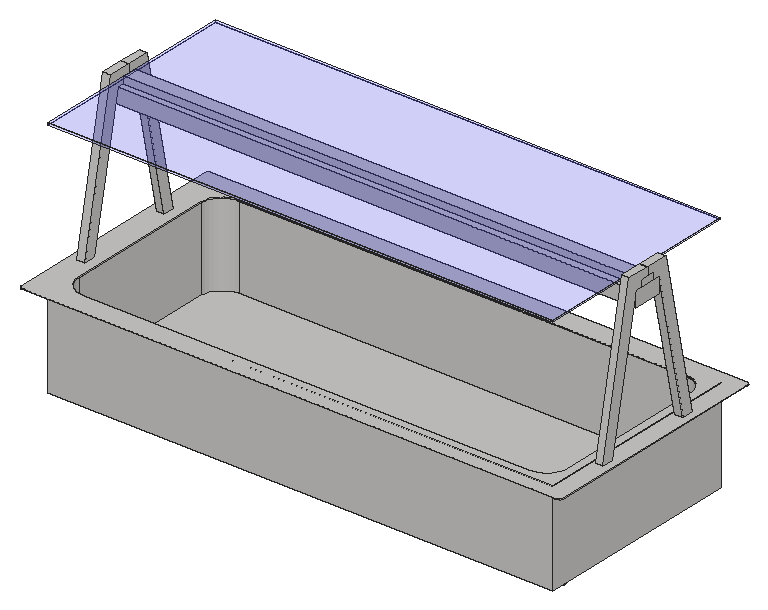
Revit family "QF_ELECTROLUXPROFESSIONAL_341164_D01C4", category Specialty Equipment, Revit 2023
Family settings
  Round Connector Dimension = Use Diameter
  Part Type = Normal
  Work Plane-Based = No
  Enable Cutting in Views = No
  Always vertical = Yes
  Cut with Voids When Loaded = No
  Maintain Annotation Orientation = No
  Shared = No
  Room Calculation Point = No
Parameters (values of type "Standard")
  Weight = 54.15 kg
  Watts = 0 W
  Volts = 220 V
  URL Manufacturer = "http://www.electroluxprofessional.com"
  URL = "http://www.electroluxprofessional.com"
  Steam Supply Size = 0 mm
  Steam Supply Minimum Pressure = 0.0 Pa
  Steam Supply Maximum Pressure = 0.0 Pa
  Steam Consumption per Hour = 0
  Refrigeration Suction Line Size = 0 mm
  Refrigeration Liquid Line Size = 0 mm
  Refrigerant Compressor Remote = yes
  Default Elevation = 0 mm
  Manufacturer = "Electrolux Professional"
  Phase = 1
  Model = "D01C4"
  Length Actual = 1420 mm
  Item Number = "341164"
  Hot Water Size = 0 mm
  Height Actual = 664 mm
  HP = "4 HP"
  Gas Size = 0 mm
  Gas KW = 0
  Gas Input Pressure = 0 W
  Direct Waste Size = 25.4 mm
  Description = "DROP-IN BAIN-MARIE, WATER, SINGLE WELL, 4GN WITH A TYPE OVERSHELF AND HALOGEN LAMP"
  Depth Actual = 620 mm
  Cycle = 50 Hz
  Condensate Return Size = 0 mm
  Compressed Air Volume = 0.0 L/s
  Compressed Air Size = 0 mm
  Compressed Air Pressure = 0.0 Pa
  Cold Water Size = 12.7 mm
  Accessory = no
Reference planes
  plane 1 "BACK": y = 0
  plane 2: z = 5.426
  plane 3 "LEFT": x = 0
  plane 4: y = -620
  plane 5: x = 1420
  plane 6: z = 409.426
  plane 7: y = -310
  plane 8: x = 710
Forms (mm)
  Extrusion 1, solid, material "QF_Finishes_Stainless Steel"
    sketch origin (0, 0, 5.426) x (1, 0, 0) y (0, 1, 0)
      loop
        arc (10, 0) -> (2.929, -2.929) -> (0, -10) r 10
        line (0, -10) -> (0, -610)
        arc (0, -610) -> (2.929, -617.071) -> (10, -620) r 10
        line (10, -620) -> (1410, -620)
        arc (1410, -620) -> (1417.071, -617.071) -> (1420, -610) r 10
        line (1420, -610) -> (1420, -10)
        arc (1420, -10) -> (1417.071, -2.929) -> (1410, 0) r 10
        line (1410, 0) -> (10, 0)
    from 0 to 1
  Extrusion 2, solid, material "QF_Finishes_Stainless Steel"
    sketch origin (0, 0, 12.548) x (1, 0, 0) y (0, 1, 0)
      loop
        line (50, -35) -> (50, -585) -> (1370, -585) -> (1370, -35) -> (50, -35)
    from -251.122 to -7.122
  Extrusion 3, void
    sketch origin (0, 0, -2.817) x (1, 0, 0) y (0, 1, 0)
      loop
        arc (125, -55) -> (86.109, -71.109) -> (70, -110) r 55
        line (70, -110) -> (70, -510)
        arc (70, -510) -> (86.109, -548.891) -> (125, -565) r 55
        line (125, -565) -> (1295, -565)
        arc (1295, -565) -> (1333.891, -548.891) -> (1350, -510) r 55
        line (1350, -510) -> (1350, -110)
        arc (1350, -110) -> (1333.891, -71.109) -> (1295, -55) r 55
        line (1295, -55) -> (125, -55)
    from -209.107 to 9.244
  Extrusion 4, solid, material "QF_Finishes_Stainless Steel"
    sketch origin (21.5, -620, 0) x (0, -1, 0) y (0, 0, -1)
      loop
        line (-310, -409.426) -> (-250.873, -409.426) -> (-165, -5.426) -> (-195, -5.426) -> (-272.583, -370.426) -> (-310, -370.426) -> (-310, -409.426)
    from 0 to 20
  Extrusion 5, solid, material "QF_Finishes_Stainless Steel"
    sketch origin (21.5, 0, 0) x (0, 1, 0) y (0, 0, 1)
      loop
        line (-310, 409.426) -> (-310, 370.426) -> (-272.583, 370.426) -> (-195, 5.426) -> (-165, 5.426) -> (-250.873, 409.426) -> (-310, 409.426)
    from 0 to 20
  Extrusion 6, solid, material "QF_Finishes_Stainless Steel"
    sketch origin (1398.5, -620, 0) x (0, -1, 0) y (0, 0, 1)
      loop
        line (-310, 409.426) -> (-310, 370.426) -> (-272.583, 370.426) -> (-195, 5.426) -> (-165, 5.426) -> (-250.873, 409.426) -> (-310, 409.426)
    from 0 to 20
  Extrusion 7, solid, material "QF_Finishes_Stainless Steel"
    sketch origin (1398.5, 0, 0) x (0, 1, 0) y (0, 0, -1)
      loop
        line (-310, -409.426) -> (-250.873, -409.426) -> (-165, -5.426) -> (-195, -5.426) -> (-272.583, -370.426) -> (-310, -370.426) -> (-310, -409.426)
    from 0 to 20
  Extrusion 8, solid, material "QF_Finishes_Stainless Steel"
    sketch origin (0, 0, 0) x (0, 1, 0) y (0, 0, 1)
      loop
        line (-291.292, 370.426) -> (-291.292, 387.956) -> (-328.917, 387.956) -> (-328.917, 370.426) -> (-291.292, 370.426)
    from 21.5 to 1398.5
  Extrusion 9, solid, material "Vetro"
    sketch origin (0, 0, 5.426) x (1, 0, 0) y (0, 1, 0)
      loop
        line (50, -35) -> (50, -585) -> (1370, -585) -> (1370, -35) -> (50, -35)
    from 382.529 to 387.529
  Extrusion 10, solid, material "QF_Finishes_Stainless Steel"
    sketch origin (324.537, -347.333, -643.387) x (0, 0, -1) y (0, 1, 0)
      loop
        circle (-372.814, -140.692) r 12.7
    from 5 to 70.307
  Extrusion 11, solid, material "QF_Finishes_Stainless Steel"
    sketch origin (0, 0, 0) x (0, 1, 0) y (0, 0, 1)
      loop
        line (-272.583, 370.426) -> (-347.583, 370.426) -> (-347.583, 330.426) -> (-272.583, 330.426) -> (-272.583, 370.426)
    from 21.5 to 1398.5
  Extrusion 12, solid, material "QF_Finishes_Stainless Steel"
    sketch origin (34.947, 0, 0) x (0, 1, 0) y (0, 0, 1)
      loop
        line (-280.414, 330.426) -> (-340.414, 330.426) -> (-340.414, 325.426) -> (-280.414, 325.426) -> (-280.414, 330.426)
    from 113.553 to 313.553
  Extrusion 13, solid, material "QF_Finishes_Stainless Steel"
    sketch origin (769.053, 0, 0) x (0, 1, 0) y (0, 0, -1)
      loop
        line (-280.414, -330.426) -> (-280.414, -325.426) -> (-340.414, -325.426) -> (-340.414, -330.426) -> (-280.414, -330.426)
    from 113.553 to 313.553
  Extrusion 14, solid, material "QF_Finishes_Stainless Steel"
    sketch origin (1385.053, 0, 0) x (0, 1, 0) y (0, 0, -1)
      loop
        line (-280.414, -330.426) -> (-280.414, -325.426) -> (-340.414, -325.426) -> (-340.414, -330.426) -> (-280.414, -330.426)
    from 113.553 to 313.553
  Extrusion 15, solid, material "QF_Finishes_Stainless Steel"
    sketch origin (650.947, 0, 0) x (0, 1, 0) y (0, 0, 1)
      loop
        line (-280.414, 330.426) -> (-340.414, 330.426) -> (-340.414, 325.426) -> (-280.414, 325.426) -> (-280.414, 330.426)
    from 113.553 to 313.553
  Extrusion 16, solid, material "QF_Finishes_Stainless Steel"
    sketch origin (-4, -6, 5.426) x (1, 0, 0) y (0, 1, 0)
      loop
        circle (386.025, -481.971) r 12.675
    from -276 to -244
  Extrusion 17, solid, material "QF_Finishes_Stainless Steel"
    sketch origin (1356.957, -637.727, -643.387) x (0, 0, -1) y (0, -1, 0)
      loop
        circle (-372.814, -140.692) r 6.35
    from 24.678 to 70.307
  Extrusion 18, solid, material "QF_Finishes_Stainless Steel"
    sketch origin (1679.025, -978.971, 5.426) x (-1, 0, 0) y (0, -1, 0)
      loop
        circle (386.025, -481.971) r 6.35
    from -276 to -244
Cuts and joins
  Extrusion 3 cuts Extrusion 1
  Extrusion 3 cuts Extrusion 2
Dimensions and locks
  equal spacing: Extrusion 1, Extrusion 2 sketch curve, Extrusion 2 sketch curve, Extrusion 1  (x2)
  Extrusion 1 to Extrusion 1 = 1420 mm
  Extrusion 1 to plane 1 "BACK" = 620 mm
  equal spacing: Extrusion 2, Extrusion 3 sketch curve, Extrusion 3 sketch curve, Extrusion 2  (x2)
  plane 6 to plane 2 = 404 mm
  equal spacing: plane 3 "LEFT", plane 8, plane 5
  Extrusion 11 sketch curve to cut or joined group of Extrusion 1, Extrusion 3 = 324 mm
  Extrusion 5 to plane 8 to Extrusion 7 = 668.5 mm, 668.5 mm
  aligned and locked: level to plane 2
Automatic sketch dimensions
  Extrusion 1 sketch curve to plane 3 "LEFT" = 0 mm
  plane 4 to Extrusion 1 sketch curve = 0 mm
  plane 1 "BACK" to Extrusion 1 sketch curve = 0 mm
  Extrusion 1 sketch curve to plane 5 = 0 mm
  plane 3 "LEFT" to Extrusion 1 sketch curve = 10 mm  (x2)
  plane 5 to Extrusion 1 sketch curve = 10 mm  (x2)
  plane 3 "LEFT" to Extrusion 2 sketch curve = 50 mm
  plane 5 to Extrusion 2 sketch curve = 50 mm
  Extrusion 2 sketch curve to plane 4 = 35 mm
  plane 1 "BACK" to Extrusion 2 sketch curve = 35 mm
  plane 3 "LEFT" to Extrusion 3 sketch curve = 70 mm
  Extrusion 3 sketch curve to Extrusion 3 sketch curve = 55 mm  (x3)
  Extrusion 3 sketch curve to plane 4 = 55 mm
  plane 5 to Extrusion 3 sketch curve = 125 mm  (x2)
  plane 1 "BACK" to Extrusion 3 sketch curve = 110 mm
  Extrusion 4 sketch curve to plane 7 = 0 mm
  plane 6 to Extrusion 4 sketch curve = 0 mm
  Extrusion 4 sketch curve to level = 0 mm
  Extrusion 4 sketch curve to Extrusion 4 sketch curve = 37.417 mm
  Extrusion 4 sketch curve to Extrusion 4 sketch curve = 21.71 mm
  plane 7 to Extrusion 4 sketch curve = 115 mm
  Extrusion 4 sketch curve to Extrusion 4 sketch curve = 30 mm
  Extrusion 4 sketch curve to Extrusion 4 sketch curve = 39 mm
  Extrusion 5 sketch curve to plane 7 = 0 mm
  plane 6 to Extrusion 5 sketch curve = 0 mm
  Extrusion 5 sketch curve to level = 0 mm
  Extrusion 5 sketch curve to Extrusion 5 sketch curve = 37.417 mm
  Extrusion 5 sketch curve to Extrusion 5 sketch curve = 21.71 mm
  plane 7 to Extrusion 5 sketch curve = 115 mm
  Extrusion 5 sketch curve to Extrusion 5 sketch curve = 30 mm
  Extrusion 5 sketch curve to Extrusion 5 sketch curve = 39 mm
  Extrusion 6 sketch curve to plane 7 = 0 mm
  plane 6 to Extrusion 6 sketch curve = 0 mm
  Extrusion 6 sketch curve to level = 0 mm
  Extrusion 6 sketch curve to Extrusion 6 sketch curve = 37.417 mm
  Extrusion 6 sketch curve to Extrusion 6 sketch curve = 21.71 mm
  Extrusion 6 sketch curve to plane 7 = 115 mm
  Extrusion 6 sketch curve to Extrusion 6 sketch curve = 30 mm
  Extrusion 6 sketch curve to Extrusion 6 sketch curve = 39 mm
  Extrusion 7 sketch curve to plane 7 = 0 mm
  plane 6 to Extrusion 7 sketch curve = 0 mm
  Extrusion 7 sketch curve to level = 0 mm
  Extrusion 7 sketch curve to Extrusion 7 sketch curve = 37.417 mm
  Extrusion 7 sketch curve to Extrusion 7 sketch curve = 21.71 mm
  plane 7 to Extrusion 7 sketch curve = 115 mm
  Extrusion 7 sketch curve to Extrusion 7 sketch curve = 30 mm
  Extrusion 7 sketch curve to Extrusion 7 sketch curve = 39 mm
  Extrusion 8 sketch curve to plane 7 = 18.917 mm
  plane 7 to Extrusion 8 sketch curve = 18.708 mm
  plane 6 to Extrusion 8 sketch curve = 39 mm
  Extrusion 8 sketch curve to Extrusion 8 sketch curve = 17.529 mm
  plane 3 "LEFT" to Extrusion 9 sketch curve = 50 mm
  plane 5 to Extrusion 9 sketch curve = 50 mm
  Extrusion 9 sketch curve to plane 4 = 35 mm
  plane 1 "BACK" to Extrusion 9 sketch curve = 35 mm
  Extrusion 10 sketch curve to level = 276 mm
  Extrusion 10 sketch curve to plane 4 = 131.975 mm
  Extrusion 11 sketch curve to plane 7 = 37.583 mm
  plane 7 to Extrusion 11 sketch curve = 37.417 mm
  plane 6 to Extrusion 11 sketch curve = 39 mm
  Extrusion 12 sketch curve to plane 7 = 30.414 mm
  plane 7 to Extrusion 12 sketch curve = 29.586 mm
  plane 6 to Extrusion 12 sketch curve = 84 mm
  Extrusion 12 sketch curve to Extrusion 12 sketch curve = 5 mm
  Extrusion 13 sketch curve to plane 7 = 30.414 mm
  plane 7 to Extrusion 13 sketch curve = 29.586 mm
  plane 6 to Extrusion 13 sketch curve = 79 mm
  Extrusion 13 sketch curve to Extrusion 13 sketch curve = 5 mm
  Extrusion 14 sketch curve to plane 7 = 30.414 mm
  plane 7 to Extrusion 14 sketch curve = 29.586 mm
  plane 6 to Extrusion 14 sketch curve = 79 mm
  Extrusion 14 sketch curve to Extrusion 14 sketch curve = 5 mm
  Extrusion 15 sketch curve to plane 7 = 30.414 mm
  plane 7 to Extrusion 15 sketch curve = 29.586 mm
  plane 6 to Extrusion 15 sketch curve = 84 mm
  Extrusion 15 sketch curve to Extrusion 15 sketch curve = 5 mm
  Extrusion 16 sketch curve to plane 4 = 132.029 mm
  Extrusion 16 sketch curve to plane 8 = 327.975 mm
  Extrusion 17 sketch curve to plane 4 = 122.965 mm
  Extrusion 17 sketch curve to level = 276 mm
  Extrusion 18 sketch curve to plane 4 = 123 mm
  plane 8 to Extrusion 18 sketch curve = 583 mm
  radius of Extrusion 10 sketch curve = 12.7 mm
  radius of Extrusion 16 sketch curve = 12.675 mm
  radius of Extrusion 17 sketch curve = 6.35 mm
  radius of Extrusion 18 sketch curve = 6.35 mm
Connectors
  piping at (329.537, -488.025, -270.574), diameter 25.4
    settings: on Extrusion 10, index 5, connector inside diameter 609.6 mm, connector length 0 mm, flow factor 0, pipe flow 0.0 L/s, pressure drop 0.0 Pa, fitting loss kfactor 0, connector angle 0.00°, fixture units 0, engagement length 0 mm, angle of deflection 0.00°, flow configuration 0, flow direction 0, fitting loss method 0, system type 29, joint type 0, gender type 0, connector reference index -1, connector utility 0, adjustable connector no, is connector primary yes, connector description "D"
  piping at (1332.279, -497.035, -270.574), diameter 12.7
    settings: on Extrusion 17, index 6, connector inside diameter 609.6 mm, connector length 0 mm, flow factor 0, pipe flow 0.0 L/s, pressure drop 0.0 Pa, fitting loss kfactor 0, connector angle 0.00°, fixture units 0, engagement length 0 mm, angle of deflection 0.00°, flow configuration 0, flow direction 0, fitting loss method 0, system type 29, joint type 0, gender type 0, connector reference index -1, connector utility 0, adjustable connector no, is connector primary no, connector description "WI"
